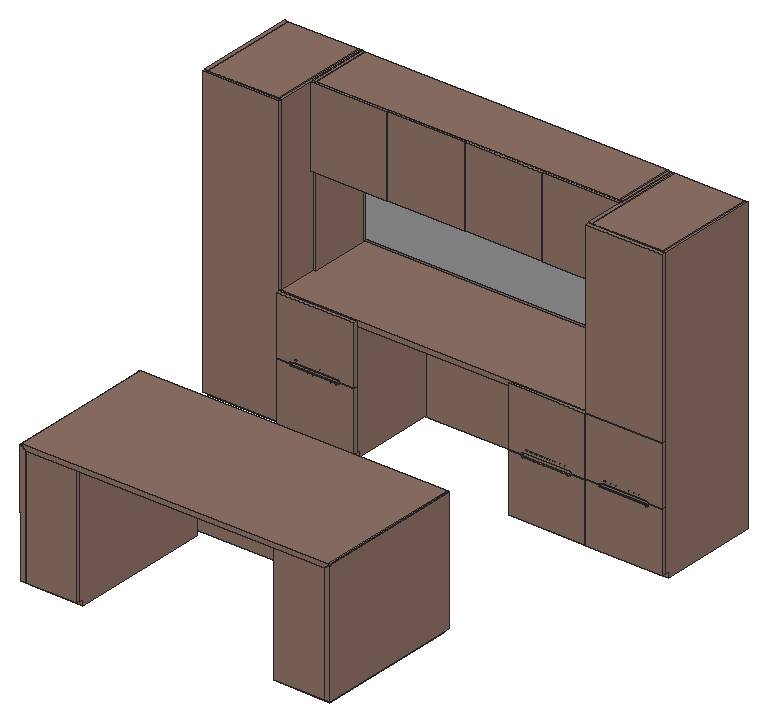
Revit family "OFS TYPICAL T100001", category Furniture, Revit 2022 (continued)
Definition of nested family "OFS SLATE HIGHBACK ORGANIZER"
  Lines and regions (in)
    Masking region 1
      outline origin (69.63251, -60, 68.75) x (0, -1, 0) y (1, 0, 0)
        loop
          line (-60, -69.63251) -> (-45.75, -69.63251) -> (-45.75, -9.63251) -> (-60, -9.63251) -> (-60, -69.63251)
  Dimensions and locks (in)
    "Width": plane 3 "Center (Left/Right)" to plane 4
    equal spacing: plane 3 "Center (Left/Right)", plane 6, plane 4
    plane 1 "Center (Front/Back)" to plane 5 = 1' - 2 1/4"
    "Height": plane 13 to plane 7
    plane 13 to plane 8 to plane 9 = 0' - 0 1/2" locked, 0' - 0 3/4" locked
    locked: plane 10 to plane 11 at 1.1875
    locked: plane 12 to plane 7 at 0.5
    "Height 1": plane 13 to plane 11
    "Length 1": plane 14 to plane 6
    "Elevation": plane 7 to level
    "Length 1": plane 15 to plane 6
    locked: Extrusion 3 sketch curve to plane 3 "Center (Left/Right)" at 0.75
    locked: plane 4 to Extrusion 3 sketch curve at 0.75
    locked: Extrusion 7 sketch curve to plane 3 "Center (Left/Right)" at 0.125
    locked: Extrusion 7 sketch curve to plane 16 at 0.065
    locked: Extrusion 7 sketch curve to plane 17 at 0.065
    locked: plane 4 to Extrusion 7 sketch curve at 0.125
    equal spacing: plane 3 "Center (Left/Right)", plane 16, plane 14
    equal spacing: plane 15, plane 17, plane 4
    locked: plane 16 to Extrusion 8 sketch curve at 0.065
    locked: plane 14 to Extrusion 8 sketch curve at 0.125
    locked: plane 15 to Extrusion 8 sketch curve at 0.125
    locked: plane 17 to Extrusion 8 sketch curve at 0.065
    Extrusion 9 sketch curve to plane 6 to Extrusion 9 sketch curve = 0' - 0.065" locked, 0' - 0.065" locked
    "Length 2": Extrusion 9 sketch curve to plane 6
    "Length 2": plane 6 to Extrusion 9 sketch curve
    aligned and locked: level to plane 2
    aligned and locked: plane 6 to nested 1
    aligned and locked: nested 1 to plane 5
    aligned and locked: plane 5 to Extrusion 1 sketch curve
    aligned and locked: Extrusion 1 sketch curve to plane 10
    aligned and locked: Extrusion 1 sketch curve to plane 9
    aligned and locked: Extrusion 2 sketch curve to plane 9
    aligned and locked: Extrusion 2 sketch curve to plane 10
    aligned and locked: plane 5 to Extrusion 2 sketch curve
    aligned and locked: plane 3 "Center (Left/Right)" to Extrusion 3 sketch curve
    aligned and locked: plane 8 to Extrusion 3 sketch curve
    aligned and locked: plane 7 to Extrusion 3 sketch curve
    aligned and locked: Extrusion 3 sketch curve to plane 7
    aligned and locked: plane 4 to Extrusion 3 sketch curve
    aligned and locked: Extrusion 3 sketch curve to plane 8
    aligned and locked: Extrusion 3 to plane 5
    aligned and locked: Extrusion 4 sketch curve to plane 12
    aligned and locked: Extrusion 4 sketch curve to plane 9
    aligned and locked: Extrusion 4 to Extrusion 3
    aligned and locked: plane 10 to Extrusion 5 sketch curve
    aligned and locked: plane 11 to Extrusion 5 sketch curve
    aligned and locked: Extrusion 5 to Extrusion 3
    aligned and locked: plane 9 to Extrusion 6 sketch curve
    aligned and locked: plane 8 to Extrusion 6 sketch curve
    aligned and locked: Extrusion 6 to Extrusion 3
    aligned and locked: Masking region 1 sketch curve to Extrusion 3  (x4)
    aligned and locked: plane 11 to Extrusion 7 sketch curve
    aligned and locked: plane 8 to Extrusion 7 sketch curve
    aligned and locked: Extrusion 7 sketch curve to plane 11
    aligned and locked: Extrusion 7 sketch curve to plane 8
    aligned and locked: plane 8 to Extrusion 8 sketch curve
    aligned and locked: plane 11 to Extrusion 8 sketch curve
    aligned and locked: Extrusion 8 sketch curve to plane 11
    aligned and locked: Extrusion 8 sketch curve to plane 8
    aligned and locked: plane 8 to Extrusion 9 sketch curve
    aligned and locked: Extrusion 9 sketch curve to plane 8
    aligned and locked: plane 11 to Extrusion 9 sketch curve
    aligned and locked: Extrusion 9 sketch curve to plane 11
  Automatic sketch dimensions
    plane 1 "Center (Front/Back)" to Extrusion 1 sketch curve = 0' - 0 3/4"
    Extrusion 2 sketch curve to plane 1 "Center (Front/Back)" = 0' - 0 3/4"
    Extrusion 4 sketch curve to Extrusion 3 = 0' - 0"
    Extrusion 3 to Extrusion 4 sketch curve = 0' - 0 3/4"
    Extrusion 5 sketch curve to Extrusion 3 = 0' - 0"
    Extrusion 3 to Extrusion 5 sketch curve = 0' - 0 3/4"
    Extrusion 6 sketch curve to Extrusion 3 = 0' - 0"  (x2)
  Nested families (in)
    nested 1: "Tag" at (30, -14.25, 0), type "Center", detail levels fine
      with Offset (LR) 0' - 0"
  Definition of nested family "Tag"
    Parameters
      P_Width = 0' - 0"
      Text_Width = "Empty"
      Text_Height = "Empty"
      Text_Diameter = "Empty"
      Text_Depth = "Empty"
      Offset (LR) [instance] = 0' - 0"
      Model Name = "Type Catalog"
      P_Height = 0' - 0"
      Distance of Center (not Change) = 0' - 0.1"
      P_Diameter = 0' - 0"
      P_Depth = 0' - 0"
    Reference planes (in)
      plane 1: y = 0
      plane 2: x = 0
    Lines and regions (in)
      reference lines
        curve 1: line (-0.44359, 0.1, 0) -> (0.41085, 0.1, 0)
        curve 3: line (0, 0.42564, 0) -> (0, -0.30221, 0)
      reference lines, not visible
        curve 2: line (-0.44359, 0.09843, 0) -> (0.41085, 0.09843, 0)
        curve 4: line (0, 0.42407, 0) -> (0, -0.30379, 0)
    Text (in)
      label "Empty" at (0.00197, 0.0921, 0), shows "Model Name"
      label "Empty" at (0.00197, 0.09052, 0), shows "Model Name", not visible
    Dimensions and locks (in)
      "Distance of Center (not Change)": plane 1 to curve 1
      "Offset (LR)": curve 3 to plane 2
    Automatic sketch dimensions
      curve 1 to curve 3 = 0' - 0.44359"
      curve 3 to curve 1 = 0' - 0.41085"
      curve 3 to curve 1 = 0' - 0.40221"
      curve 1 to curve 3 = 0' - 0.32564"
      curve 2 to curve 4 = 0' - 0.44359"
      curve 4 to curve 2 = 0' - 0.41085"
      curve 4 to curve 2 = 0' - 0.40221"
      curve 2 to curve 4 = 0' - 0.32564"
Definition of nested family "OFS SLATE DESKS"
  Parameters (values of type "Partial Modesty Table Desk - 78"W x 36"D")
    Width = 6' - 6"
    URL = "http://www.ofs.com/"
    Type = 5
    Right = no
    Partial Modesty = or(Left, Type = 5)  # yes
    Panel [instance] = none
    Model = "CA-A7836TD"
    Mid Panel [instance] = none
    Manufacturer = "CAROLINA"
    Left = no
    Glides [instance] = none
    Full Modesty = or(Type = 1, Type = 2, Type = 6)  # no
    Drawers [instance] = none
    Doors [instance] = none
    Description = "OFS SLATE Overlay Table Desk, Panel Bases, Partial Modesty, 78W x 36D x 30.5H, Slate Private Office"
    Depth = 3' - 0"
    Default Elevation = 0' - 0"
    Copyright © = "© 2019 OFS"
    Catalog = "https://ofs.com/products/casegoods/private-office/slate"
    Case [instance] = none
    Back Panel [instance] = none
    Authoring Version = "Autodesk Revit Architecture 2014"
    Assembly Code = "E2020200"
  Types (40): name | Width | Type | Right | Partial Modesty | Model | Left | Full Modesty | Description | Depth
    Full Modesty Adjustable Table Desk - 78"W x 36"D | 6' - 6" | 6 | no | no | "CA-A7836DHA" | no | yes | "OFS SLATE Overlay Table Desk, Panel Bases, Full Modesty - Height Adjustable, 78W x 36D x 30.5H, Slate Private Office" | 3' - 0"
    Full Modesty Adjustable Table Desk - 72"W x 36"D | 6' - 0" | 6 | no | no | "CA-A7236DHA" | no | yes | "OFS SLATE Overlay Table Desk, Panel Bases, Full Modesty - Height Adjustable, 72W x 36D x 30.5H, Slate Private Office" | 3' - 0"
    Full Modesty Adjustable Table Desk - 72"W x 30"D | 6' - 0" | 6 | no | no | "CA-A7230DHA" | no | yes | "OFS SLATE Overlay Table Desk, Panel Bases, Full Modesty - Height Adjustable, 72W x 30D x 30.5H, Slate Private Office" | 2' - 6"
    Full Modesty Adjustable Table Desk - 66"W x 30"D | 5' - 6" | 6 | no | no | "CA-A6630DHA" | no | yes | "OFS SLATE Overlay Table Desk, Panel Bases, Full Modesty - Height Adjustable, 66W x 30D x 30.5H, Slate Private Office" | 2' - 6"
    Full Modesty Adjustable Table Desk - 60"W x 30"D | 5' - 0" | 6 | no | no | "CA-A6030DHA" | no | yes | "OFS SLATE Overlay Table Desk, Panel Bases, Full Modesty - Height Adjustable, 60W x 30D x 30.5H, Slate Private Office" | 2' - 6"
    Partial Modesty Table Desk - 78"W x 36"D | 6' - 6" | 5 | no | yes | "CA-A7836TD" | no | no | "OFS SLATE Overlay Table Desk, Panel Bases, Partial Modesty, 78W x 36D x 30.5H, Slate Private Office" | 3' - 0"
    Partial Modesty Table Desk - 72"W x 36"D | 6' - 0" | 5 | no | yes | "CA-A7236TD" | no | no | "OFS SLATE Overlay Table Desk, Panel Bases, Partial Modesty, 72W x 36D x 30.5H, Slate Private Office" | 3' - 0"
    Partial Modesty Table Desk - 72"W x 30"D | 6' - 0" | 5 | no | yes | "CA-A7230TD" | no | no | "OFS SLATE Overlay Table Desk, Panel Bases, Partial Modesty, 72W x 30D x 30.5H, Slate Private Office" | 2' - 6"
    Partial Modesty Table Desk - 66"W x 30"D | 5' - 6" | 5 | no | yes | "CA-A6630TD" | no | no | "OFS SLATE Overlay Table Desk, Panel Bases, Partial Modesty, 66W x 30D x 30.5H, Slate Private Office" | 2' - 6"
    Partial Modesty Table Desk - 60"W x 30"D | 5' - 0" | 5 | no | yes | "CA-A6030TD" | no | no | "OFS SLATE Overlay Table Desk, Panel Bases, Partial Modesty, 60W x 30D x 30.5H, Slate Private Office" | 2' - 6"
    Partial Modesty Center Pull Left - 78"W x 36"D | 6' - 6" | 4 | no | yes | "CA-A7836TDLPD-2" | yes | no | "OFS SLATE Overlay Single Pedestal Desk, Panel Base, Partial Modesty Integrated Center Pull Left, 78W x 36D x 30.5H, Slate Private Office" | 3' - 0"
    Partial Modesty Center Pull Left - 72"W x 36"D | 6' - 0" | 4 | no | yes | "CA-A7236TDLPD-2" | yes | no | "OFS SLATE Overlay Single Pedestal Desk, Panel Base, Partial Modesty Integrated Center Pull Left, 72W x 36D x 30.5H, Slate Private Office" | 3' - 0"
    Partial Modesty Center Pull Left - 72"W x 30"D | 6' - 0" | 4 | no | yes | "CA-A7230TDLPD-2" | yes | no | "OFS SLATE Overlay Single Pedestal Desk, Panel Base, Partial Modesty Integrated Center Pull Left, 72W x 30D x 30.5H, Slate Private Office" | 2' - 6"
    Partial Modesty Center Pull Left - 66"W x 30"D | 5' - 6" | 4 | no | yes | "CA-A6630TDLPD-2" | yes | no | "OFS SLATE Overlay Single Pedestal Desk, Panel Base, Partial Modesty Integrated Center Pull Left, 66W x 30D x 30.5H, Slate Private Office" | 2' - 6"
    Partial Modesty Center Pull Left - 60"W x 30"D | 5' - 0" | 4 | no | yes | "CA-A6030TDLPD-2" | yes | no | "OFS SLATE Overlay Single Pedestal Desk, Panel Base, Partial Modesty Integrated Center Pull Left, 60W x 30D x 30.5H, Slate Private Office" | 2' - 6"
    Partial Modesty Center Pull Right - 78"W x 36"D | 6' - 6" | 4 | yes | no | "CA-A7836TDRPD-2" | no | no | "OFS SLATE Overlay Single Pedestal Desk, Panel Base, Partial Modesty Integrated Center Pull Right, 78W x 36D x 30.5H, Slate Private Office" | 3' - 0"
    Partial Modesty Center Pull Right - 72"W x 36"D | 6' - 0" | 4 | yes | no | "CA-A7236TDRPD-2" | no | no | "OFS SLATE Overlay Single Pedestal Desk, Panel Base, Partial Modesty Integrated Center Pull Right, 72W x 36D x 30.5H, Slate Private Office" | 3' - 0"
    Partial Modesty Center Pull Right - 72"W x 30"D | 6' - 0" | 4 | yes | no | "CA-A7230TDRPD-2" | no | no | "OFS SLATE Overlay Single Pedestal Desk, Panel Base, Partial Modesty Integrated Center Pull Right, 72W x 30D x 30.5H, Slate Private Office" | 2' - 6"
    Partial Modesty Center Pull Right - 66"W x 30"D | 5' - 6" | 4 | yes | no | "CA-A6630TDRPD-2" | no | no | "OFS SLATE Overlay Single Pedestal Desk, Panel Base, Partial Modesty Integrated Center Pull Right, 66W x 30D x 30.5H, Slate Private Office" | 2' - 6"
    Partial Modesty Center Pull Right - 60"W x 30"D | 5' - 0" | 4 | yes | no | "CA-A6030TDRPD-2" | no | no | "OFS SLATE Overlay Single Pedestal Desk, Panel Base, Partial Modesty Integrated Center Pull Right, 60W x 30D x 30.5H, Slate Private Office" | 2' - 6"
    Partial Modesty Side Pull Left - 78"W x 36"D | 6' - 6" | 3 | no | yes | "CA-A7836TDLPD-1" | yes | no | "OFS SLATE Overlay Single Pedestal Desk, Panel Base, Partial Modesty Integrated Side Pull Left, 78W x 36D x 30.5H, Slate Private Office" | 3' - 0"
    Partial Modesty Side Pull Left - 72"W x 36"D | 6' - 0" | 3 | no | yes | "CA-A7236TDLPD-1" | yes | no | "OFS SLATE Overlay Single Pedestal Desk, Panel Base, Partial Modesty Integrated Side Pull Left, 72W x 36D x 30.5H, Slate Private Office" | 3' - 0"
    Partial Modesty Side Pull Left - 72"W x 30"D | 6' - 0" | 3 | no | yes | "CA-A7230TDLPD-1" | yes | no | "OFS SLATE Overlay Single Pedestal Desk, Panel Base, Partial Modesty Integrated Side Pull Left, 72W x 30D x 30.5H, Slate Private Office" | 2' - 6"
    Partial Modesty Side Pull Left - 66"W x 30"D | 5' - 6" | 3 | no | yes | "CA-A6630TDLPD-1" | yes | no | "OFS SLATE Overlay Single Pedestal Desk, Panel Base, Partial Modesty Integrated Side Pull Left, 66W x 30D x 30.5H, Slate Private Office" | 2' - 6"
    Partial Modesty Side Pull Left - 60"W x 30"D | 5' - 0" | 3 | no | yes | "CA-A6030TDLPD-1" | yes | no | "OFS SLATE Overlay Single Pedestal Desk, Panel Base, Partial Modesty Integrated Side Pull Left, 60W x 30D x 30.5H, Slate Private Office" | 2' - 6"
    Partial Modesty Side Pull Right - 78"W x 36"D | 6' - 6" | 3 | yes | no | "CA-A7836TDRPD-1" | no | no | "OFS SLATE Overlay Single Pedestal Desk, Panel Base, Partial Modesty Integrated Side Pull Right, 78W x 36D x 30.5H, Slate Private Office" | 3' - 0"
    Partial Modesty Side Pull Right - 72"W x 36"D | 6' - 0" | 3 | yes | no | "CA-A7236TDRPD-1" | no | no | "OFS SLATE Overlay Single Pedestal Desk, Panel Base, Partial Modesty Integrated Side Pull Right, 72W x 36D x 30.5H, Slate Private Office" | 3' - 0"
    Partial Modesty Side Pull Right - 72"W x 30"D | 6' - 0" | 3 | yes | no | "CA-A7230TDRPD-1" | no | no | "OFS SLATE Overlay Single Pedestal Desk, Panel Base, Partial Modesty Integrated Side Pull Right, 72W x 30D x 30.5H, Slate Private Office" | 2' - 6"
    Partial Modesty Side Pull Right - 66"W x 30"D | 5' - 6" | 3 | yes | no | "CA-A6630TDRPD-1" | no | no | "OFS SLATE Overlay Single Pedestal Desk, Panel Base, Partial Modesty Integrated Side Pull Right, 66W x 30D x 30.5H, Slate Private Office" | 2' - 6"
    Partial Modesty Side Pull Right - 60"W x 30"D | 5' - 0" | 3 | yes | no | "CA-A6030TDRPD-1" | no | no | "OFS SLATE Overlay Single Pedestal Desk, Panel Base, Partial Modesty Integrated Side Pull Right, 60W x 30D x 30.5H, Slate Private Office" | 2' - 6"
    Full Modesty Center Pull - 78"W x 36"D | 6' - 6" | 2 | no | no | "CA-A7836DP-2" | no | yes | "OFS SLATE Overlay Double Pedestal Desk, Full Modesty Integrated Center Pull, 78W x 36D x 30.5H, Slate Private Office" | 3' - 0"
    Full Modesty Center Pull - 72"W x 36"D | 6' - 0" | 2 | no | no | "CA-A7236DP-2" | no | yes | "OFS SLATE Overlay Double Pedestal Desk, Full Modesty Integrated Center Pull, 72W x 36D x 30.5H, Slate Private Office" | 3' - 0"
    Full Modesty Center Pull - 72"W x 30"D | 6' - 0" | 2 | no | no | "CA-A7230DP-2" | no | yes | "OFS SLATE Overlay Double Pedestal Desk, Full Modesty Integrated Center Pull, 72W x 30D x 30.5H, Slate Private Office" | 2' - 6"
    Full Modesty Center Pull - 66"W x 30"D | 5' - 6" | 2 | no | no | "CA-A6630DP-2" | no | yes | "OFS SLATE Overlay Double Pedestal Desk, Full Modesty Integrated Center Pull, 66W x 30D x 30.5H, Slate Private Office" | 2' - 6"
    Full Modesty Center Pull - 60"W x 30"D | 5' - 0" | 2 | no | no | "CA-A6030DP-2" | no | yes | "OFS SLATE Overlay Double Pedestal Desk, Full Modesty Integrated Center Pull, 60W x 30D x 30.5H, Slate Private Office" | 2' - 6"
    Full Modesty Side Pull - 78"W x 36"D | 6' - 6" | 1 | no | no | "CA-A7836DP-1" | no | yes | "OFS SLATE Overlay Double Pedestal Desk, Full Modesty Integrated Side Pull, 78W x 36D x 30.5H, Slate Private Office" | 3' - 0"
    Full Modesty Side Pull - 72"W x 36"D | 6' - 0" | 1 | no | no | "CA-A7236DP-1" | no | yes | "OFS SLATE Overlay Double Pedestal Desk, Full Modesty Integrated Side Pull, 72W x 36D x 30.5H, Slate Private Office" | 3' - 0"
    Full Modesty Side Pull - 72"W x 30"D | 6' - 0" | 1 | no | no | "CA-A7230DP-1" | no | yes | "OFS SLATE Overlay Double Pedestal Desk, Full Modesty Integrated Side Pull, 72W x 30D x 30.5H, Slate Private Office" | 2' - 6"
    Full Modesty Side Pull - 66"W x 30"D | 5' - 6" | 1 | no | no | "CA-A6630DP-1" | no | yes | "OFS SLATE Overlay Double Pedestal Desk, Full Modesty Integrated Side Pull, 66W x 30D x 30.5H, Slate Private Office" | 2' - 6"
    Full Modesty Side Pull - 60"W x 30"D | 5' - 0" | 1 | no | no | "CA-A6030DP-1" | no | yes | "OFS SLATE Overlay Double Pedestal Desk, Full Modesty Integrated Side Pull, 60W x 30D x 30.5H, Slate Private Office" | 2' - 6"
  Reference planes (in)
    plane 1 "Center (Front/Back)": y = 0
    plane 2: z = 0
    plane 3 "Center (Left/Right)": x = 0
    plane 4: y = -36
  Lines and regions (in)
    reference lines, visible <- "Right"
      curve 1: line (78, 0, 0) -> (78, -36, 0)
    reference lines, visible <- "Left"
      curve 2: line (-78, 0, 0) -> (-78, -36, 0)
    reference lines
      curve 3: line (39, 0, 0) -> (39, -36, 0)
      curve 4: line (-39, 0, 0) -> (-39, -36, 0)
  Dimensions and locks (in)
    "Depth": plane 1 "Center (Front/Back)" to plane 4
    equal spacing: curve 2, curve 4, plane 3 "Center (Left/Right)"
    "Width": curve 2 to plane 3 "Center (Left/Right)"
    equal spacing: plane 3 "Center (Left/Right)", curve 3, curve 1
    "Width": plane 3 "Center (Left/Right)" to curve 1
    aligned and locked: level to plane 2
    aligned and locked: plane 4 to nested 1
    aligned and locked: curve 3 to nested 1
    aligned and locked: nested 3 to plane 4
    aligned and locked: curve 4 to nested 3
    aligned and locked: curve 3 to nested 6
    aligned and locked: plane 4 to nested 6
  Automatic sketch dimensions
    plane 4 to curve 1 = 0' - 0"
    curve 3 to plane 4 = 0' - 0"
    curve 2 to plane 4 = 0' - 0"
    curve 4 to plane 4 = 0' - 0"
    plane 1 "Center (Front/Back)" to curve 3 = 0' - 0"
    curve 4 to plane 1 "Center (Front/Back)" = 0' - 0"
    curve 2 to plane 1 "Center (Front/Back)" = 0' - 0"
    plane 1 "Center (Front/Back)" to curve 1 = 0' - 0"
  Nested families (in)
    nested 1: "Tag" at (39, -36, 0) x (-1, 0, 0) z (0, 0, 1), visible <- "Right", type "Center", detail levels fine
      with Offset (LR) 0' - 0"
    nested 2: "OFS_Slate Private Office_Desks Partial Modesty" at (0, 0, 0), Panel <- "Panel", Drawers <- "Drawers", Mid Panel <- "Mid Panel", Glides <- "Glides", Case <- "Case", visible <- "Right", Doors <- "Doors", type "OFS_Slate Private Office_Desks Partial Modesty"
      with Panel none, Mid Panel none, Glides none, Drawers none, Doors none, Case none, Width 6' - 6", Type 5, Length 1' - 3", Depth 3' - 0"
    nested 3: "Tag" at (-39, -36, 0), visible <- "Partial Modesty", type "Center", detail levels fine
      with Offset (LR) 0' - 0"
    nested 4: "OFS_Slate Private Office_Desks Partial Modesty" at (0, 0, 0) x (-1, 0, 0) z (0, 0, 1), Panel <- "Panel", Drawers <- "Drawers", Mid Panel <- "Mid Panel", Glides <- "Glides", Case <- "Case", visible <- "Partial Modesty", Doors <- "Doors", type "OFS_Slate Private Office_Desks Partial Modesty"
      with Panel none, Mid Panel none, Glides none, Drawers none, Doors none, Case none, Width 6' - 6", Type 5, Length 1' - 3", Depth 3' - 0"
    nested 5: "OFS_Slate Private Office_Desks Full Modesty" at (0, 0, 0), Panel <- "Panel", Drawers <- "Drawers", Doors <- "Doors", Back Panel <- "Back Panel", Glides <- "Glides", Case <- "Case", visible <- "Full Modesty", type "OFS_Slate Private Office_Desks Full Modesty"
      with Panel none, Glides none, Drawers none, Doors none, Case none, Back Panel none, Width 6' - 6", Type 1 no, Type 5, Length 1' - 3", Door no, Depth 3' - 0"
    nested 6: "Tag" at (39, -36, 0) x (-1, 0, 0) z (0, 0, 1), visible <- "Full Modesty", type "Center", detail levels fine
      with Offset (LR) 0' - 0"
  Definition of nested family "OFS_Slate Private Office_Desks Partial Modesty"
    Parameters
      Width = 5' - 0"
      URL = "http://www.ofsbrands.com/"
      Type 3 = or(Type = 3, Type = 4, Type = 5)  # yes
      Type = 3
      Right = no
      Panel [instance] = none
      Model = "Type Catalog"
      Length = if(Type = 3, 1' 0", 1' 3")  # 1' - 0"
      Left = no
      Drawers [instance] = none
      Mid Panel [instance] = none
      Manufacturer = "OFS BRANDS"  # constant formula
      Glides [instance] = none
      Drawer = Type = 4  # no
      Doors [instance] = none
      Door = or(Type = 3, Type = 5)  # yes
      Description = "Type Catalog"
      Depth = 2' - 6"
      Default Elevation = 0' - 0"
      Copyright © = "© 2016 OFS BRANDS"  # constant formula
      Catalog = "OFS"  # constant formula
      Case [instance] = none
      Authoring Version = "Autodesk Revit Architecture 2014"  # constant formula
      Assembly Code = "E2020200"
    Reference planes (in)
      plane 1 "Center (Front/Back)": y = 0
      plane 2: z = 0
      plane 3 "Center (Left/Right)": x = 0
      plane 4: x = 60
      plane 5: x = 30
      plane 6: y = -0.75
      plane 7: y = -1.37544
      plane 8: y = -26.5625
      plane 9: y = -28.3125
      plane 10: y = -27.5625
      plane 11: y = -29.1875
      plane 12: y = -30
      plane 13: x = 1.0625
      plane 14: x = 1.1875
      plane 15: x = 4.4375
      plane 16: x = 5.1875
      plane 17: x = 58.9375
      plane 18: x = 58.8125
      plane 19: x = 47.5625
      plane 20: x = 46.8125
      plane 21: z = 0.45
      plane 22: z = 1.7
      plane 23: z = 1.95
      plane 24: z = 15.35625
      plane 25: z = 15.48125
      plane 26: z = 30.3875
      plane 27: z = 29.325
      plane 28: z = 29.1375
      plane 29: z = 29.2
      plane 30: y = -27.04895
      plane 31: x = 1.9375
      plane 32: x = 58.0625
      plane 33: x = 52.8125
      plane 34: y = -2.01355
      plane 35: y = -27.92395
      plane 36: x = 46.875
      plane 37: x = 58.75
    Forms (in)
      Revolve 1, solid, material <- "Glides", visible <- "Type 3"
        sketch origin (64.48096, -1.37544, 47.24409) x (1, 0, 0) y (0, 0, 1)
          loop
            line (-7.05936, -46.79409) -> (-7.05936, -47.24409) -> (-6.80936, -47.24409)
            arc (-6.80936, -47.24409) -> (-6.68166, -47.13447) -> (-6.77068, -46.99165) r 0.12918
            line (-6.77068, -46.99165) -> (-6.80936, -46.99165) -> (-6.80936, -46.79409) -> (-7.05936, -46.79409)
          axis (-7.05936, -46.79409) -> (-7.05936, -47.24409)
        angle from 0 to 360
      Revolve 2, solid, material <- "Glides", visible <- "Type 3"
        sketch origin (64.48096, -1.37544, 47.24409) x (1, 0, 0) y (0, 0, 1)
          loop
            line (-16.27755, -46.79409) -> (-16.27755, -47.24409) -> (-16.02755, -47.24409)
            arc (-16.02755, -47.24409) -> (-15.89986, -47.13447) -> (-15.98888, -46.99165) r 0.12918
            line (-15.98888, -46.99165) -> (-16.02755, -46.99165) -> (-16.02755, -46.79409) -> (-16.27755, -46.79409)
          axis (-16.27755, -46.79409) -> (-16.27755, -47.24409)
        angle from 0 to 360
      Revolve 3, solid, material <- "Glides", visible <- "Type 3"
        sketch origin (-3.76383, -27.04895, 47.24409) x (-1, 0, 0) y (0, 0, 1)
          loop
            line (-60.08558, -46.79409) -> (-60.33558, -46.79409) -> (-60.33558, -46.99165) -> (-60.37426, -46.99165)
            arc (-60.37426, -46.99165) -> (-60.46328, -47.13447) -> (-60.33558, -47.24409) r 0.12918
            line (-60.33558, -47.24409) -> (-60.08558, -47.24409) -> (-60.08558, -46.79409)
          axis (-60.08558, -46.79409) -> (-60.08558, -47.24409)
        angle from 0 to 360
      Revolve 4, solid, material <- "Glides", visible <- "Type 3"
        sketch origin (-3.76383, -27.04895, 47.24409) x (-1, 0, 0) y (0, 0, 1)
          loop
            line (-53.08831, -46.79409) -> (-53.33831, -46.79409) -> (-53.33831, -46.99165) -> (-53.37699, -46.99165)
            arc (-53.37699, -46.99165) -> (-53.46601, -47.13447) -> (-53.33831, -47.24409) r 0.12918
            line (-53.33831, -47.24409) -> (-53.08831, -47.24409) -> (-53.08831, -46.79409)
          axis (-53.08831, -46.79409) -> (-53.08831, -47.24409)
        angle from 0 to 360
      Extrusion 5, solid, material <- "Case", visible <- "Type 3"
        sketch origin (-20.71864, -60, 0.45) x (-1, 0, 0) y (0, -1, 0)
          loop
            line (-78.78114, -59.25) -> (-77.28114, -59.25) -> (-77.28114, -58.6875) -> (-78.78114, -58.6875) -> (-78.78114, -59.25)
          loop
            line (-69.78114, -59.25) -> (-68.28114, -59.25) -> (-68.28114, -58.6875) -> (-69.78114, -58.6875) -> (-69.78114, -59.25)
        from 0 to 1.5
      Extrusion 6, solid, material <- "Case", visible <- "Type 3"
        sketch origin (52.8125, -34.55325, 47.24409) x (0, -1, 0) y (0, 0, -1)
          loop
            line (-6.99075, 46.79409) -> (-7.99075, 46.79409) -> (-7.99075, 45.29409) -> (-6.99075, 45.29409) -> (-6.99075, 46.79409)
        from -6 to 6
      Sweep 7, solid, material <- "Case", visible <- "Type 3"
        path origin (80.71864, -60, 0.45) x (1, 0, 0) y (0, 1, 0)
          loop
            line (-21.90614, 60) -> (-21.90614, 31.6875) -> (-33.90614, 31.6875) -> (-33.90614, 60)
        profile origin (52.8125, -28.3125, 0.45) x (0, -1, 0) y (0, 0, 1)
          loop
            line (0, 0) -> (0, 1.25) -> (-0.75, 1.25) -> (-0.75, 0) -> (0, 0)
      Extrusion 8, solid, material <- "Case", visible <- "Type 3"
        sketch origin (70.11422, -60, 1.7) x (0, -1, 0) y (-1, 0, 0)
          loop
            line (-60, 23.30172) -> (-60, 22.55172) -> (-30.8125, 22.55172) -> (-30.8125, 23.30172) -> (-60, 23.30172)
          loop
            line (-60, 12.05172) -> (-60, 11.30172) -> (-30.8125, 11.30172) -> (-30.8125, 12.05172) -> (-60, 12.05172)
        from 0 to -27.5
      Extrusion 9, solid, material <- "Drawers", visible <- "Drawer"
        sketch origin (52.8125, -34.55325, 47.24409) x (0, -1, 0) y (0, 0, -1)
          loop
            line (-4.61575, 18.10659) -> (-4.61575, 31.76284) -> (-5.36575, 31.76284) -> (-5.36575, 18.10659) -> (-4.61575, 18.10659)
          loop
            line (-4.61575, 45.5441) -> (-5.36575, 45.5441) -> (-5.36575, 31.88784) -> (-4.61575, 31.88784) -> (-4.61575, 45.5441)
        from -5.9375 to 5.9375
      Sweep 10, void
        path origin (-3.76383, -30, 47.24409) x (-1, 0, 0) y (0, 0, 1)
          loop
            line (-52.69893, -31.01358) -> (-60.45374, -31.01358)
            arc (-60.45374, -31.01358) -> (-61.2655, -31.82534) -> (-60.45374, -32.63711) r 0.81176
            line (-60.45374, -32.63711) -> (-52.69893, -32.63711)
            arc (-52.69893, -32.63711) -> (-51.88716, -31.82534) -> (-52.69893, -31.01358) r 0.81176
        profile origin (52.8125, -30, 16.23051) x (0, 0, -1) y (0, 1, 0)
          loop
            line (0.74926, 0) -> (0.74926, 0.65612) -> (0.23272, 0.65612)
            arc (0.23272, 0.65612) -> (0.00234, 0.45139) -> (0.17857, 0.19855) r 0.23199
            arc (0.17857, 0.19855) -> (0.22947, 0.16597) -> (0.24927, 0.10888) r 0.09222
            line (0.24927, 0.10888) -> (0.24927, 0) -> (0.74926, 0)
      Extrusion 11, solid, material <- "Panel", visible <- "Type 3"
        sketch origin (-3.76383, -30, 47.24409) x (-1, 0, 0) y (0, 0, 1)
          loop
            line (-3.76383, -45.5441) -> (-3.76383, -17.15837)
            arc (-3.76383, -17.15837) -> (-3.841, -17.04289) -> (-3.97722, -17.06998) r 0.125
            line (-3.97722, -17.06998) -> (-4.95133, -18.04409) -> (-4.95133, -45.5441) -> (-3.76383, -45.5441)
          loop
            line (-63.76383, -45.5441) -> (-62.57633, -45.5441) -> (-62.57633, -18.04409) -> (-63.55045, -17.06998)
            arc (-63.55045, -17.06998) -> (-63.68667, -17.04289) -> (-63.76383, -17.15837) r 0.125
            line (-63.76383, -17.15837) -> (-63.76383, -45.5441)
        from 0 to 30
      Extrusion 12, solid, material <- "Panel", visible <- "Type 3"
        sketch origin (-3.76383, -30, 47.24409) x (-1, 0, 0) y (0, 0, 1)
          loop
            line (-62.57633, -18.04409) -> (-4.95133, -18.04409) -> (-3.97722, -17.06998)
            arc (-3.97722, -17.06998) -> (-3.95013, -16.93376) -> (-4.06561, -16.85659) r 0.125
            line (-4.06561, -16.85659) -> (-63.46206, -16.85659)
            arc (-63.46206, -16.85659) -> (-63.57754, -16.93376) -> (-63.55044, -17.06998) r 0.125
            line (-63.55044, -17.06998) -> (-62.57633, -18.04409)
        from 0 to 30
      Extrusion 13, solid, material <- "Mid Panel", visible <- "Type 3"
        sketch origin (5.1875, -34.55325, 47.24409) x (0, -1, 0) y (0, 0, 1)
          loop
            line (-23.36575, -31.04409) -> (-22.61575, -31.04409) -> (-22.61575, -18.04409) -> (-23.36575, -18.04409) -> (-23.36575, -31.04409)
        from 0 to -41.625
      Revolve 14, solid, material <- "Glides", visible <- "Type 3"
        sketch origin (-1.6269, -2.01355, 47.24409) x (-1, 0, 0) y (0, 0, 1)
          loop
            line (-4.8144, -46.79409) -> (-5.0644, -46.79409) -> (-5.0644, -46.99165) -> (-5.10308, -46.99165)
            arc (-5.10308, -46.99165) -> (-5.1921, -47.13447) -> (-5.0644, -47.24409) r 0.12918
            line (-5.0644, -47.24409) -> (-4.8144, -47.24409) -> (-4.8144, -46.79409)
          axis (-4.8144, -46.79409) -> (-4.8144, -47.24409)
        angle from 0 to 360
      Revolve 15, solid, material <- "Glides", visible <- "Type 3"
        sketch origin (2.8144, -27.92395, 47.24409) x (-1, 0, 0) y (0, 0, 1)
          loop
            line (-0.3731, -46.79409) -> (-0.6231, -46.79409) -> (-0.6231, -46.99165) -> (-0.66177, -46.99165)
            arc (-0.66177, -46.99165) -> (-0.75079, -47.13447) -> (-0.6231, -47.24409) r 0.12918
            line (-0.6231, -47.24409) -> (-0.3731, -47.24409) -> (-0.3731, -46.79409)
          axis (-0.3731, -46.79409) -> (-0.3731, -47.24409)
        angle from 0 to 360
      Extrusion 16, solid, material <- "Case", visible <- "Type 3"
        sketch origin (-20.71864, -60, 0.45) x (-1, 0, 0) y (0, -1, 0)
          loop
            line (-22.65614, -59.25) -> (-22.65614, -30.8125) -> (-25.15614, -30.8125) -> (-25.15614, -59.25) -> (-22.65614, -59.25)
        from 0 to 1.25
      Extrusion 17, solid, material <- "Case", visible <- "Type 3"
        sketch origin (70.11422, -60, 1.7) x (0, -1, 0) y (-1, 0, 0)
          loop
            line (-59.25, 68.92672) -> (-59.25, 68.17672) -> (-30.8125, 68.17672) -> (-30.8125, 68.92672) -> (-59.25, 68.92672)
          loop
            line (-59.25, 65.67672) -> (-59.25, 64.92672) -> (-30.8125, 64.92672) -> (-30.8125, 65.67672) -> (-59.25, 65.67672)
        from 0 to -27.5
      Extrusion 18, solid, material <- "Case", visible <- "Type 3"
        sketch origin (70.11422, -60, 1.7) x (0, -1, 0) y (-1, 0, 0)
          loop
            line (-60, 68.92672) -> (-60, 64.92672) -> (-59.25, 64.92672) -> (-59.25, 65.67672) -> (-30.8125, 65.67672) -> (-30.8125, 64.92672) -> (-30.0625, 64.92672) -> (-30.0625, 68.92672) -> (-30.8125, 68.92672) -> (-30.8125, 68.17672) -> (-59.25, 68.17672) -> (-59.25, 68.92672) -> (-60, 68.92672)
        from 0 to -27.5
      Extrusion 19, solid, material <- "Case", visible <- "Type 3"
        sketch origin (-20.71864, -60, 0.45) x (-1, 0, 0) y (0, -1, 0)
          loop
            line (-68.28114, -60) -> (-68.28114, -59.25) -> (-78.78114, -59.25) -> (-78.78114, -60) -> (-68.28114, -60)
        from 0 to 28.75
      Extrusion 20, solid, material <- "Doors", visible <- "Door"
        sketch origin (52.8125, -34.55325, 47.24409) x (0, -1, 0) y (0, 0, -1)
          loop
            line (-5.36575, 18.10659) -> (-4.61575, 18.10659) -> (-4.61575, 45.5441) -> (-5.36575, 45.5441) -> (-5.36575, 18.10659)
        from -5.9375 to 5.9375
    Cuts and joins
      Sweep 10 cuts Extrusion 9
      joined: Revolve 1, Revolve 2, Revolve 3, Revolve 4
      joined: Sweep 7, Extrusion 8
    Lines and regions (in)
      Masking region 1, visible <- "Type 3"
        outline origin (70.11422, -60, 30.3875) x (0, -1, 0) y (1, 0, 0)
          loop
            line (-60, -70.11422) -> (-30, -70.11422) -> (-30, -10.11422) -> (-60, -10.11422) -> (-60, -70.11422)
      reference lines
        curve 1: line (60, -30, 0.45) -> (60, 0, 0.45)
    Dimensions and locks (in)
      "Width": plane 3 "Center (Left/Right)" to plane 4
      equal spacing: plane 3 "Center (Left/Right)", plane 5, plane 4
      plane 34 to plane 7 to plane 6 to plane 1 "Center (Front/Back)" = 0' - 0.63811" locked, 0' - 0.62544" locked, 0' - 0 3/4" locked
      Sweep 10 sketch curve to plane 33 to Sweep 10 sketch curve = 0' - 3.87741" locked, 0' - 3.87741" locked
      locked: Extrusion 11 sketch curve to plane 3 "Center (Left/Right)" at 0.125
      locked: plane 26 to Extrusion 11 sketch curve at 0.30178  (x2)
      locked: plane 4 to Extrusion 11 sketch curve at 0.125
      locked: Extrusion 12 sketch curve to plane 3 "Center (Left/Right)" at 0.30178
      locked: plane 4 to Extrusion 12 sketch curve at 0.30178
      plane 8 to plane 30 to plane 10 to plane 35 to plane 9 to plane 11 to plane 12 = 0' - 0.48645" locked, 0' - 0.51355" locked, 0' - 0.36145" locked, 0' - 0.38855" locked, 0' - 0 7/8" locked, 0' - 0 13/16" locked
      "Depth": plane 12 to plane 1 "Center (Front/Back)"
      plane 3 "Center (Left/Right)" to plane 13 to plane 14 to plane 31 to plane 15 to plane 16 = 0' - 1 1/16" locked, 0' - 0 1/8" locked, 0' - 0 3/4" locked, 0' - 2 1/2" locked, 0' - 0 3/4" locked
      plane 20 to plane 36 to plane 19 = 0' - 0 1/16" locked, 0' - 0 11/16" locked
      plane 32 to plane 37 to plane 18 to plane 17 to plane 4 = 0' - 0 11/16" locked, 0' - 0 1/16" locked, 0' - 0 1/8" locked, 0' - 1 1/16" locked
      "Length": plane 20 to plane 18
      equal spacing: plane 20, plane 33, plane 18
      locked: plane 13 to Extrusion 11 sketch curve (angle 45.00°)
      locked: Extrusion 11 sketch curve to plane 18 (angle 45.00°)
      aligned and locked: level to plane 2
      aligned and locked: plane 23 to Extrusion 5
      aligned and locked: plane 1 "Center (Front/Back)" to Sweep 7 sketch curve  (x2)
      aligned and locked: plane 20 to Sweep 7 sketch curve
      aligned and locked: Sweep 7 sketch curve to plane 18
      aligned and locked: Sweep 7 sketch curve to plane 9
      aligned and locked: Extrusion 8 sketch curve to Sweep 7  (x2)
      aligned and locked: plane 11 to Extrusion 8 sketch curve  (x2)
      aligned and locked: Extrusion 8 sketch curve to plane 19
      aligned and locked: plane 18 to Extrusion 8 sketch curve
      aligned and locked: Extrusion 8 to plane 29
      aligned and locked: Extrusion 11 sketch curve to plane 22  (x2)
      aligned and locked: plane 3 "Center (Left/Right)" to Extrusion 11 sketch curve
      aligned and locked: plane 29 to Extrusion 11 sketch curve  (x2)
      aligned and locked: Extrusion 11 sketch curve to plane 4
      aligned and locked: plane 18 to Extrusion 11 sketch curve
      aligned and locked: plane 29 to Extrusion 12 sketch curve
      aligned and locked: plane 26 to Extrusion 12 sketch curve
      aligned and locked: Extrusion 11 to Extrusion 12 sketch curve
      aligned and locked: plane 14 to Extrusion 12 sketch curve
      aligned and locked: Extrusion 12 sketch curve to Extrusion 11
      aligned and locked: Extrusion 12 to plane 1 "Center (Front/Back)"
      aligned and locked: Extrusion 11 to plane 1 "Center (Front/Back)"
      aligned and locked: plane 4 to curve 1
      aligned and locked: Extrusion 13 sketch curve to plane 29
      aligned and locked: plane 20 to Extrusion 13
      aligned and locked: Extrusion 16 sketch curve to plane 11
      aligned and locked: Extrusion 16 sketch curve to plane 15
      aligned and locked: Extrusion 16 to plane 22
      aligned and locked: plane 6 to Extrusion 17 sketch curve
      aligned and locked: plane 14 to Extrusion 17 sketch curve
      aligned and locked: Extrusion 16 to Extrusion 17 sketch curve
      aligned and locked: plane 11 to Extrusion 17 sketch curve
      aligned and locked: Extrusion 17 sketch curve to plane 16
      aligned and locked: Extrusion 18 sketch curve to plane 11
      aligned and locked: plane 11 to Extrusion 18 sketch curve
      aligned and locked: plane 31 to Extrusion 18 sketch curve
      aligned and locked: Extrusion 18 sketch curve to plane 15
      aligned and locked: plane 16 to Extrusion 18 sketch curve  (x2)
      aligned and locked: plane 14 to Extrusion 18 sketch curve
      aligned and locked: plane 6 to Extrusion 18 sketch curve  (x2)
      aligned and locked: plane 1 "Center (Front/Back)" to Extrusion 18 sketch curve
      aligned and locked: Extrusion 18 sketch curve to plane 14
      aligned and locked: Extrusion 18 to plane 29
      aligned and locked: Extrusion 17 to plane 29
      aligned and locked: Masking region 1 sketch curve to Extrusion 11  (x3)
      aligned and locked: Masking region 1 sketch curve to curve 1
      aligned and locked: cut or joined group of Sweep 7, Extrusion 8 to Extrusion 19 sketch curve
      aligned and locked: Extrusion 19 sketch curve to cut or joined group of Sweep 7, Extrusion 8
      aligned and locked: Extrusion 19 sketch curve to Extrusion 5  (x2)
      aligned and locked: Extrusion 19 to plane 29
      aligned and locked: plane 36 to cut or joined group of Extrusion 9, Sweep 10
      aligned and locked: plane 37 to cut or joined group of Extrusion 9, Sweep 10
      aligned and locked: Extrusion 20 sketch curve to cut or joined group of Extrusion 9, Sweep 10  (x2)
      aligned and locked: Extrusion 20 sketch curve to Extrusion 18
      aligned and locked: Extrusion 18 to Extrusion 20 sketch curve
      aligned and locked: plane 36 to Extrusion 20
      aligned and locked: plane 37 to Extrusion 20
    Automatic sketch dimensions
      Revolve 1 sketch curve to plane 21 = 0' - 0"
      Revolve 1 sketch curve to level = 0' - 0"  (x2)
      Revolve 1 sketch curve to plane 32 = 0' - 0.6409"
      Revolve 1 sketch curve to plane 21 = 0' - 0.19756"
      Revolve 1 sketch curve to Revolve 1 sketch curve = 0' - 0 1/4"  (x2)
      Revolve 1 sketch curve to Revolve 1 sketch curve = 0' - 0.03868"
      Revolve 1 sketch curve to Revolve 1 sketch curve = 0' - 0"
      Revolve 1 sketch curve to Revolve 1 sketch curve = 0' - 0.086"
      Revolve 2 sketch curve to plane 21 = 0' - 0"
      Revolve 2 sketch curve to level = 0' - 0"  (x2)
      Revolve 2 sketch curve to plane 19 = 0' - 0.6409"
      Revolve 2 sketch curve to plane 21 = 0' - 0.19756"
      Revolve 2 sketch curve to Revolve 2 sketch curve = 0' - 0 1/4"  (x2)
      Revolve 2 sketch curve to Revolve 2 sketch curve = 0' - 0.03868"
      Revolve 2 sketch curve to Revolve 2 sketch curve = 0' - 0"
      Revolve 2 sketch curve to Revolve 2 sketch curve = 0' - 0.086"
      Revolve 3 sketch curve to plane 21 = 0' - 0"
      Revolve 3 sketch curve to level = 0' - 0"  (x2)
      Revolve 3 sketch curve to plane 21 = 0' - 0.19756"
      Revolve 3 sketch curve to plane 32 = 0' - 1.45207"
      Revolve 3 sketch curve to Revolve 3 sketch curve = 0' - 0.03868"
      Revolve 3 sketch curve to Revolve 3 sketch curve = 0' - 0"  (x2)
      Revolve 3 sketch curve to Revolve 3 sketch curve = 0' - 0 1/4"
      Revolve 3 sketch curve to Revolve 3 sketch curve = 0' - 0.086"
      Revolve 4 sketch curve to plane 21 = 0' - 0"
      Revolve 4 sketch curve to level = 0' - 0"  (x2)
      Revolve 4 sketch curve to plane 21 = 0' - 0.19756"
      Revolve 4 sketch curve to plane 19 = 0' - 2.05065"
      Revolve 4 sketch curve to Revolve 4 sketch curve = 0' - 0.03868"
      Revolve 4 sketch curve to Revolve 4 sketch curve = 0' - 0"  (x2)
      Revolve 4 sketch curve to Revolve 4 sketch curve = 0' - 0 1/4"
      Revolve 4 sketch curve to Revolve 4 sketch curve = 0' - 0.086"
      Extrusion 5 sketch curve to plane 32 = 0' - 0"
      Extrusion 5 sketch curve to plane 6 = 0' - 0"  (x2)
      Extrusion 5 sketch curve to plane 19 = 0' - 0"
      Extrusion 5 sketch curve to plane 7 = 0' - 0.06294"  (x2)
      Extrusion 5 sketch curve to Extrusion 5 sketch curve = 0' - 1 1/2"
      Extrusion 5 sketch curve to plane 19 = 0' - 1 1/2"
      Extrusion 6 sketch curve to plane 8 = 0' - 0"
      Extrusion 6 sketch curve to plane 10 = 0' - 0"
      Extrusion 6 sketch curve to plane 21 = 0' - 0"
      Extrusion 6 sketch curve to plane 23 = 0' - 0"
      Sweep 7 sketch curve to plane 21 = 0' - 0"
      Sweep 7 sketch curve to profile plane = 0' - 0"
      profile plane to Sweep 7 sketch curve = 0' - 0 3/4"
      Sweep 7 sketch curve to Sweep 7 sketch curve = 0' - 1 1/4"
      Extrusion 9 sketch curve to plane 11 = 0' - 0"  (x2)
      Extrusion 9 sketch curve to plane 25 = 0' - 0"
      plane 24 to Extrusion 9 sketch curve = 0' - 0"
      plane 22 to Extrusion 9 sketch curve = 0' - 0"
      Extrusion 9 sketch curve to plane 28 = 0' - 0"
      Extrusion 9 sketch curve to plane 12 = 0' - 0 1/16"  (x2)
      plane 24 to Sweep 10 sketch curve = 0' - 0.74926"
      Sweep 10 sketch curve to plane 24 = 0' - 0 1/16"
      Sweep 10 sketch curve to plane 12 = 0' - 0"
      Sweep 10 sketch curve to profile plane = 0' - 0.15705"
      Sweep 10 sketch curve to profile plane = 0' - 0.23272"
      Sweep 10 sketch curve to Sweep 10 sketch curve = 0' - 0.09222"
      Sweep 10 sketch curve to Sweep 10 sketch curve = 0' - 0.51655"
      plane 12 to Sweep 10 sketch curve = 0' - 0.10888"
      Sweep 10 sketch curve to Sweep 10 sketch curve = 0' - 0.31525"
      Sweep 10 sketch curve to Sweep 10 sketch curve = 0' - 0.23199"
      plane 26 to Extrusion 11 sketch curve = 0' - 0.21339"  (x2)
      plane 26 to Extrusion 12 sketch curve = 0' - 0.21339"  (x2)
      plane 1 "Center (Front/Back)" to curve 1 = 0' - 0"
      curve 1 to plane 12 = 0' - 0"
      Extrusion 13 sketch curve to plane 34 = 0' - 9.17395"
      Extrusion 13 sketch curve to Extrusion 13 sketch curve = 0' - 0 3/4"
      plane 25 to Extrusion 13 sketch curve = 0' - 0 23/32"
      Revolve 14 sketch curve to plane 21 = 0' - 0"
      Revolve 14 sketch curve to level = 0' - 0"  (x2)
      Revolve 14 sketch curve to plane 21 = 0' - 0.19756"
      Revolve 14 sketch curve to plane 15 = 0' - 0.96132"
      Revolve 14 sketch curve to Revolve 14 sketch curve = 0' - 0.03868"
      Revolve 14 sketch curve to Revolve 14 sketch curve = 0' - 0"  (x2)
      Revolve 14 sketch curve to Revolve 14 sketch curve = 0' - 0 1/4"
      Revolve 14 sketch curve to Revolve 14 sketch curve = 0' - 0.086"
      Revolve 15 sketch curve to plane 21 = 0' - 0"
      Revolve 15 sketch curve to level = 0' - 0"  (x2)
      Revolve 15 sketch curve to plane 21 = 0' - 0.19756"
      Revolve 15 sketch curve to plane 15 = 0' - 0.96132"
      Revolve 15 sketch curve to Revolve 15 sketch curve = 0' - 0.03868"
      Revolve 15 sketch curve to Revolve 15 sketch curve = 0' - 0"  (x2)
      Revolve 15 sketch curve to Revolve 15 sketch curve = 0' - 0 1/4"
      Revolve 15 sketch curve to Revolve 15 sketch curve = 0' - 0.086"
      Extrusion 17 sketch curve to plane 15 = 0' - 0"
      Extrusion 17 sketch curve to plane 31 = 0' - 0"
      plane 12 to Extrusion 18 sketch curve = 0' - 0 1/16"
      plane 1 "Center (Front/Back)" to Extrusion 8 sketch curve = 0' - 0"
      Extrusion 8 sketch curve to plane 32 = 0' - 0"
      Extrusion 16 sketch curve to plane 6 = 0' - 0"
      Extrusion 16 sketch curve to plane 31 = 0' - 0"
      Extrusion 17 sketch curve to plane 6 = 0' - 0"
  Definition of nested family "Tag"
    Parameters
      P_Width = 0' - 0"
      Text_Width = "Empty"
      Text_Height = "Empty"
      Text_Diameter = "Empty"
      Text_Depth = "Empty"
      Offset (LR) [instance] = 0' - 0"
      Model Name = "Type Catalog"
      P_Height = 0' - 0"
      Distance of Center (not Change) = 0' - 0.1"
      P_Diameter = 0' - 0"
      P_Depth = 0' - 0"
    Reference planes (in)
      plane 1: y = 0
      plane 2: x = 0
    Lines and regions (in)
      reference lines
        curve 1: line (-0.44359, 0.1, 0) -> (0.41085, 0.1, 0)
        curve 3: line (0, 0.42564, 0) -> (0, -0.30221, 0)
      reference lines, not visible
        curve 2: line (-0.44359, 0.09843, 0) -> (0.41085, 0.09843, 0)
        curve 4: line (0, 0.42407, 0) -> (0, -0.30379, 0)
    Text (in)
      label "Empty" at (0.00197, 0.0921, 0), shows "Model Name"
      label "Empty" at (0.00197, 0.09052, 0), shows "Model Name", not visible
    Dimensions and locks (in)
      "Distance of Center (not Change)": plane 1 to curve 1
      "Offset (LR)": curve 3 to plane 2
    Automatic sketch dimensions
      curve 1 to curve 3 = 0' - 0.44359"
      curve 3 to curve 1 = 0' - 0.41085"
      curve 3 to curve 1 = 0' - 0.40221"
      curve 1 to curve 3 = 0' - 0.32564"
      curve 2 to curve 4 = 0' - 0.44359"
      curve 4 to curve 2 = 0' - 0.41085"
      curve 4 to curve 2 = 0' - 0.40221"
      curve 2 to curve 4 = 0' - 0.32564"
  Definition of nested family "OFS_Slate Private Office_Desks Full Modesty"
    Parameters
      Width = 5' - 0"
      URL = "http://www.ofsbrands.com/"
      Type 0 = Type = 0  # no
      Type 1 = or(Type = 1, Type = 2, Type = 6)  # yes
      Type = 1
      Right = no
      Panel [instance] = none
      Model = "Type Catalog"
      Length = if(Type = 1, 1' 0", 1' 3")  # 1' - 0"
      Left = no
      Drawers [instance] = none
      Drawer = Type = 2  # no
      Doors [instance] = none
      Door = or(Type = 1, Type = 6)  # yes
      Default Elevation = 0' - 0"
      Back Panel [instance] = none
      Manufacturer = "OFS BRANDS"  # constant formula
      Glides [instance] = none
      Description = "Type Catalog"
      Depth = 2' - 6"
      Copyright © = "© 2016 OFS BRANDS"  # constant formula
      Catalog = "OFS"  # constant formula
      Case [instance] = none
      Authoring Version = "Autodesk Revit Architecture 2014"  # constant formula
      Assembly Code = "E2020200"
    Reference planes (in)
      plane 1 "Center (Front/Back)": y = 0
      plane 2: z = 0
      plane 3 "Center (Left/Right)": x = 0
      plane 4: x = 60
      plane 5: x = 30
      plane 6: y = -0.75
      plane 7: y = -1.37544
      plane 8: y = -25.375
      plane 9: y = -27.125
      plane 10: y = -26.375
      plane 11: y = -28
      plane 12: y = -28.8125
      plane 13: x = 1.0625
      plane 14: x = 1.1875
      plane 15: x = 12.4375
      plane 16: x = 13.1875
      plane 17: y = 1.1875
      plane 18: x = 58.9375
      plane 19: x = 58.8125
      plane 20: x = 47.5625
      plane 21: x = 46.8125
      plane 22: z = 0.45
      plane 23: z = 1.7
      plane 24: z = 1.95
      plane 25: z = 15.35625
      plane 26: z = 15.48125
      plane 27: z = 30.3875
      plane 28: z = 29.325
      plane 29: z = 29.1375
      plane 30: z = 29.2
      plane 31: y = -25.86145
      plane 32: x = 1.9375
      plane 33: x = 7.1875
      plane 34: x = 58.0625
      plane 35: x = 52.8125
      plane 36: x = -58.9375
      plane 37: x = -58.8125
      plane 38: x = -47.5625
      plane 39: x = -46.8125
      plane 40: x = -58.0625
      plane 41: x = -52.8125
      plane 42: x = -60
      plane 43: x = -4
      plane 44: y = -2.95105
      plane 45: x = 1.25
      plane 46: x = 13.125
      plane 47: x = 46.875
      plane 48: x = 58.75
      plane 49: x = -58.75
      plane 50: x = -46.875
    Forms (in)
      Revolve 1, solid, material <- "Glides", visible <- "Type 1"
        sketch origin (64.48096, -1.37544, 47.24409) x (1, 0, 0) y (0, 0, 1)
          loop
            line (-61.90255, -46.79409) -> (-62.15255, -46.79409) -> (-62.15255, -46.99165) -> (-62.19123, -46.99165)
            arc (-62.19123, -46.99165) -> (-62.28025, -47.13447) -> (-62.15255, -47.24409) r 0.12918
            line (-62.15255, -47.24409) -> (-61.90255, -47.24409) -> (-61.90255, -46.79409)
          axis (-61.90255, -46.79409) -> (-61.90255, -47.24409)
        angle from 0 to 360
      Revolve 2, solid, material <- "Glides", visible <- "Type 1"
        sketch origin (64.48096, -1.37544, 47.24409) x (1, 0, 0) y (0, 0, 1)
          loop
            line (-52.68436, -46.79409) -> (-52.93436, -46.79409) -> (-52.93436, -46.99165) -> (-52.97303, -46.99165)
            arc (-52.97303, -46.99165) -> (-53.06205, -47.13447) -> (-52.93436, -47.24409) r 0.12918
            line (-52.93436, -47.24409) -> (-52.68436, -47.24409) -> (-52.68436, -46.79409)
          axis (-52.68436, -46.79409) -> (-52.68436, -47.24409)
        angle from 0 to 360
      Revolve 3, solid, material <- "Glides", visible <- "Type 1"
        sketch origin (-2.66399, -25.86145, 47.24409) x (-1, 0, 0) y (0, 0, 1)
          loop
            line (-6.34223, -46.79409) -> (-6.34223, -47.24409) -> (-6.09223, -47.24409)
            arc (-6.09223, -47.24409) -> (-5.96454, -47.13447) -> (-6.05356, -46.99165) r 0.12918
            line (-6.05356, -46.99165) -> (-6.09223, -46.99165) -> (-6.09223, -46.79409) -> (-6.34223, -46.79409)
          axis (-6.34223, -46.79409) -> (-6.34223, -47.24409)
        angle from 0 to 360
      Revolve 4, solid, material <- "Glides", visible <- "Type 1"
        sketch origin (-4.88491, -25.86145, 47.24409) x (-1, 0, 0) y (0, 0, 1)
          loop
            line (-15.56043, -46.79409) -> (-15.56043, -47.24409) -> (-15.31043, -47.24409)
            arc (-15.31043, -47.24409) -> (-15.18274, -47.13447) -> (-15.27176, -46.99165) r 0.12918
            line (-15.27176, -46.99165) -> (-15.31043, -46.99165) -> (-15.31043, -46.79409) -> (-15.56043, -46.79409)
          axis (-15.56043, -46.79409) -> (-15.56043, -47.24409)
        angle from 0 to 360
      Revolve 5, solid, material <- "Glides", visible <- "Type 1"
        sketch origin (64.48096, -1.37544, 47.24409) x (1, 0, 0) y (0, 0, 1)
          loop
            line (-7.05936, -46.79409) -> (-7.05936, -47.24409) -> (-6.80936, -47.24409)
            arc (-6.80936, -47.24409) -> (-6.68166, -47.13447) -> (-6.77068, -46.99165) r 0.12918
            line (-6.77068, -46.99165) -> (-6.80936, -46.99165) -> (-6.80936, -46.79409) -> (-7.05936, -46.79409)
          axis (-7.05936, -46.79409) -> (-7.05936, -47.24409)
        angle from 0 to 360
      Revolve 6, solid, material <- "Glides", visible <- "Type 1"
        sketch origin (64.48096, -1.37544, 47.24409) x (1, 0, 0) y (0, 0, 1)
          loop
            line (-16.27755, -46.79409) -> (-16.27755, -47.24409) -> (-16.02755, -47.24409)
            arc (-16.02755, -47.24409) -> (-15.89986, -47.13447) -> (-15.98888, -46.99165) r 0.12918
            line (-15.98888, -46.99165) -> (-16.02755, -46.99165) -> (-16.02755, -46.79409) -> (-16.27755, -46.79409)
          axis (-16.27755, -46.79409) -> (-16.27755, -47.24409)
        angle from 0 to 360
      Revolve 7, solid, material <- "Glides", visible <- "Type 1"
        sketch origin (-3.76383, -25.86145, 47.24409) x (-1, 0, 0) y (0, 0, 1)
          loop
            line (-60.08558, -46.79409) -> (-60.33558, -46.79409) -> (-60.33558, -46.99165) -> (-60.37426, -46.99165)
            arc (-60.37426, -46.99165) -> (-60.46328, -47.13447) -> (-60.33558, -47.24409) r 0.12918
            line (-60.33558, -47.24409) -> (-60.08558, -47.24409) -> (-60.08558, -46.79409)
          axis (-60.08558, -46.79409) -> (-60.08558, -47.24409)
        angle from 0 to 360
      Revolve 8, solid, material <- "Glides", visible <- "Type 1"
        sketch origin (-3.76383, -25.86145, 47.24409) x (-1, 0, 0) y (0, 0, 1)
          loop
            line (-53.08831, -46.79409) -> (-53.33831, -46.79409) -> (-53.33831, -46.99165) -> (-53.37699, -46.99165)
            arc (-53.37699, -46.99165) -> (-53.46601, -47.13447) -> (-53.33831, -47.24409) r 0.12918
            line (-53.33831, -47.24409) -> (-53.08831, -47.24409) -> (-53.08831, -46.79409)
          axis (-53.08831, -46.79409) -> (-53.08831, -47.24409)
        angle from 0 to 360
      Extrusion 9, solid, material <- "Case", visible <- "Type 1"
        sketch origin (-20.71864, -60, 0.45) x (-1, 0, 0) y (0, -1, 0)
          loop
            line (-22.65614, -59.25) -> (-22.65614, -57.75) -> (-24.15614, -57.75) -> (-24.15614, -59.25) -> (-22.65614, -59.25)
          loop
            line (-31.65614, -59.25) -> (-31.65614, -57.75) -> (-33.15614, -57.75) -> (-33.15614, -59.25) -> (-31.65614, -59.25)
          loop
            line (-78.78114, -59.25) -> (-77.28114, -59.25) -> (-77.28114, -57.75) -> (-78.78114, -57.75) -> (-78.78114, -59.25)
          loop
            line (-69.78114, -59.25) -> (-68.28114, -59.25) -> (-68.28114, -57.75) -> (-69.78114, -57.75) -> (-69.78114, -59.25)
        from 0 to 1.5
      Sweep 10, solid, material <- "Case", visible <- "Type 1"
        path origin (-20.71864, -60, 0.45) x (-1, 0, 0) y (0, -1, 0)
          loop
            line (-21.90614, -60) -> (-21.90614, -32.875) -> (-33.90614, -32.875) -> (-33.90614, -60)
        profile origin (7.1875, -27.125, 0.45) x (0, 1, 0) y (0, 0, 1)
          loop
            line (0, 0) -> (0.75, 0) -> (0.75, 1.25) -> (0, 1.25) -> (0, 0)
      Sweep 11, solid, material <- "Case", visible <- "Type 1"
        path origin (80.71864, -60, 0.45) x (1, 0, 0) y (0, 1, 0)
          loop
            line (-21.90614, 60) -> (-21.90614, 32.875) -> (-33.90614, 32.875) -> (-33.90614, 60)
        profile origin (52.8125, -27.125, 0.45) x (0, -1, 0) y (0, 0, 1)
          loop
            line (0, 0) -> (0, 1.25) -> (-0.75, 1.25) -> (-0.75, 0) -> (0, 0)
      Extrusion 12, solid, material <- "Case", visible <- "Type 1"
        sketch origin (-20.71864, -60, 0.45) x (-1, 0, 0) y (0, -1, 0)
          loop
            line (-22.65614, -60) -> (-22.65614, -59.25) -> (-33.15614, -59.25) -> (-33.15614, -60) -> (-22.65614, -60)
          loop
            line (-68.28114, -60) -> (-68.28114, -59.25) -> (-78.78114, -59.25) -> (-78.78114, -60) -> (-68.28114, -60)
        from 0 to 28.75
      Extrusion 13, solid, material <- "Case", visible <- "Type 1"
        sketch origin (70.11422, -60, 1.7) x (0, -1, 0) y (-1, 0, 0)
          loop
            line (-60, 68.92672) -> (-60, 68.17672) -> (-32, 68.17672) -> (-32, 68.92672) -> (-60, 68.92672)
          loop
            line (-60, 57.67672) -> (-60, 56.92672) -> (-32, 56.92672) -> (-32, 57.67672) -> (-60, 57.67672)
          loop
            line (-60, 23.30172) -> (-60, 22.55172) -> (-32, 22.55172) -> (-32, 23.30172) -> (-60, 23.30172)
          loop
            line (-60, 12.05172) -> (-60, 11.30172) -> (-32, 11.30172) -> (-32, 12.05172) -> (-60, 12.05172)
        from 0 to -27.5
      Extrusion 14, solid, material <- "Drawers", visible <- "Drawer"
        sketch origin (7.1875, -34.55325, 47.24409) x (0, -1, 0) y (0, 0, 1)
          loop
            line (-5.80325, -18.10659) -> (-6.55325, -18.10659) -> (-6.55325, -31.76284) -> (-5.80325, -31.76284) -> (-5.80325, -18.10659)
          loop
            line (-5.80325, -45.5441) -> (-5.80325, -31.88784) -> (-6.55325, -31.88784) -> (-6.55325, -45.5441) -> (-5.80325, -45.5441)
        from -5.9375 to 5.9375
      Extrusion 15, solid, material <- "Drawers", visible <- "Drawer"
        sketch origin (52.8125, -34.55325, 47.24409) x (0, -1, 0) y (0, 0, -1)
          loop
            line (-5.80325, 18.10659) -> (-5.80325, 31.76284) -> (-6.55325, 31.76284) -> (-6.55325, 18.10659) -> (-5.80325, 18.10659)
          loop
            line (-5.80325, 45.5441) -> (-6.55325, 45.5441) -> (-6.55325, 31.88784) -> (-5.80325, 31.88784) -> (-5.80325, 45.5441)
        from -5.9375 to 5.9375
      Sweep 16, void
        path origin (-3.76383, -28.8125, 47.24409) x (-1, 0, 0) y (0, 0, 1)
          loop
            line (-8.57393, -31.01358) -> (-13.32874, -31.01358)
            arc (-13.32874, -31.01358) -> (-14.1405, -31.82534) -> (-13.32874, -32.63711) r 0.81176
            line (-13.32874, -32.63711) -> (-8.57393, -32.63711)
            arc (-8.57393, -32.63711) -> (-7.76216, -31.82534) -> (-8.57393, -31.01358) r 0.81176
        profile origin (7.1875, -28.8125, 16.23051) x (0, 0, -1) y (0, 1, 0)
          loop
            line (0.74926, 0) -> (0.74926, 0.65625) -> (0.23364, 0.65625)
            arc (0.23364, 0.65625) -> (0.00461, 0.45362) -> (0.17782, 0.2016) r 0.23075
            arc (0.17782, 0.2016) -> (0.22929, 0.16818) -> (0.24927, 0.11016) r 0.09424
            line (0.24927, 0.11016) -> (0.24927, 0) -> (0.74926, 0)
      Extrusion 17, solid, material <- "Panel", visible <- "Type 1"
        sketch origin (-3.76383, -28.8125, 47.24409) x (-1, 0, 0) y (0, 0, 1)
          loop
            line (-3.76383, -45.5441) -> (-3.76383, -17.15837)
            arc (-3.76383, -17.15837) -> (-3.841, -17.04289) -> (-3.97722, -17.06998) r 0.125
            line (-3.97722, -17.06998) -> (-4.95133, -18.04409) -> (-4.95133, -45.5441) -> (-3.76383, -45.5441)
          loop
            line (-63.76383, -45.5441) -> (-62.57633, -45.5441) -> (-62.57633, -18.04409) -> (-63.55045, -17.06998)
            arc (-63.55045, -17.06998) -> (-63.68667, -17.04289) -> (-63.76383, -17.15837) r 0.125
            line (-63.76383, -17.15837) -> (-63.76383, -45.5441)
        from 0 to 28.8125
      Extrusion 18, solid, material <- "Panel", visible <- "Type 1"
        sketch origin (-3.76383, -28.8125, 47.24409) x (-1, 0, 0) y (0, 0, 1)
          loop
            line (-62.57633, -18.04409) -> (-4.95133, -18.04409) -> (-3.97722, -17.06998)
            arc (-3.97722, -17.06998) -> (-3.95013, -16.93376) -> (-4.06561, -16.85659) r 0.125
            line (-4.06561, -16.85659) -> (-63.46206, -16.85659)
            arc (-63.46206, -16.85659) -> (-63.57754, -16.93376) -> (-63.55044, -17.06998) r 0.125
            line (-63.55044, -17.06998) -> (-62.57633, -18.04409)
        from 0 to 28.8125
      Extrusion 19, solid, material <- "Back Panel", visible <- "Type 1"
        sketch origin (-20.71864, -60, 29.325) x (-1, 0, 0) y (0, -1, 0)
          loop
            line (-21.78114, -61.1875) -> (-21.78114, -60) -> (-79.65614, -60) -> (-79.65614, -61.1875) -> (-21.78114, -61.1875)
        from 0 to -27.625
      Revolve 20, solid, material <- "Glides", visible <- "Type 0"
        sketch origin (64.48096, -1.37544, 47.24409) x (1, 0, 0) y (0, 0, 1)
          loop
            line (-121.90256, -46.79409) -> (-122.15256, -46.79409) -> (-122.15256, -46.99165) -> (-122.19123, -46.99165)
            arc (-122.19123, -46.99165) -> (-122.28025, -47.13447) -> (-122.15256, -47.24409) r 0.12918
            line (-122.15256, -47.24409) -> (-121.90256, -47.24409) -> (-121.90256, -46.79409)
          axis (-121.90256, -46.79409) -> (-121.90256, -47.24409)
        angle from 0 to 360
      Revolve 21, solid, material <- "Glides", visible <- "Type 0"
        sketch origin (64.48096, -1.37544, 47.24409) x (1, 0, 0) y (0, 0, 1)
          loop
            line (-112.68436, -46.79409) -> (-112.68436, -47.24409) -> (-112.43436, -47.24409)
            arc (-112.43436, -47.24409) -> (-112.30666, -47.13447) -> (-112.39568, -46.99165) r 0.12918
            line (-112.39568, -46.99165) -> (-112.43436, -46.99165) -> (-112.43436, -46.79409) -> (-112.68436, -46.79409)
          axis (-112.68436, -46.79409) -> (-112.68436, -47.24409)
        angle from 0 to 360
